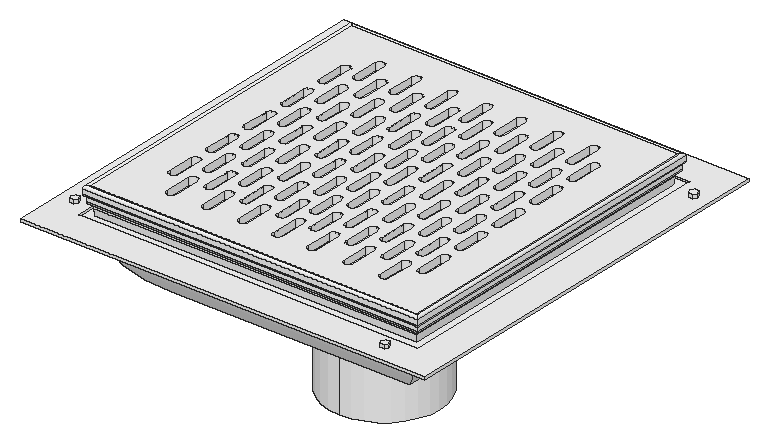
Revit family "FS1910-FL", category Plumbing Fixtures, host Face, Revit 2018
Family settings
  Host = Face
  Round Connector Dimension = Use Radius
  Part Type = Normal
  Cut with Voids When Loaded = No
  Shared = No
  Room Calculation Point = No
Parameters (values of type "FS1914-FL_4"")
  WFU = 0
  URL = "WWW.MIFAB.COM"
  Pipe Radius = Pipe Diameter / 2  # 0' - 2"
  Pipe Diameter = 0' - 4"
  Model = "FS1914-FL"
  Manufacturer = "MIFAB"
  Floor Drain Material = Paint - Sherwin Williams Paint - #952C2A - Bellwood Red
  Description = "12” X 12” X 4” STAINLESS STEEL FLOOR AREA & INDIRECT SANITARY WASTE DRAIN WITH FLANGE"
  Default Elevation = 0' - 0"
  CWFU = 0
  Assembly Code = ""
Types (4): name | Pipe Radius | Pipe Diameter | Model
  (no name) | 0' - 2" | 0' - 4" | "FS1914-FL"
  FS1912-FL_2" | 0' - 1" | 0' - 2" | "FS1912-FL"
  FS1913-FL_3" | 0' - 1 1/2" | 0' - 3" | "FS1913-FL"
  FS1914-FL_4" | 0' - 2" | 0' - 4" | "FS1914-FL"
Reference planes (in)
  plane 1 "Center (Front/Back)": y = 0
  plane 2: z = 0
  plane 3 "Center (Left/Right)": x = 0
  plane 4: z = -3
  plane 5: z = -2.375
  plane 6: y = -2
  plane 7: y = 2
  plane 8: z = -7
  plane 9: z = -0.31496
  plane 10: x = -3.90197
  plane 11: x = 3.90197
  plane 12: x = -6
  plane 13: x = 6
  plane 14: y = -6
  plane 15: y = 6
  plane 16: x = -7.25
  plane 17: x = 7.25
  plane 18: y = 7.25
  plane 19: y = -7.25
  plane 20: z = -4
Forms (in)
  Revolve 1, solid, material "Paint - Sherwin Williams Paint - #952C2A - Bellwood Red" <- "Floor Drain Material"
    sketch origin (0, 0.04396, -2.375) x (0, 1, 0) y (0, 0, 1)
      loop
        line (-2.04396, -1.5459) -> (-2.04396, -4.625) -> (-1.84474, -4.625) -> (-1.84474, -1.5459) -> (-2.04396, -1.5459)
      axis (-0.04396, -4.625) -> (-0.04396, -1.5459)
    angle from 0 to 360
  Sweep 2, solid, material "Paint - Sherwin Williams Paint - #952C2A - Bellwood Red" <- "Floor Drain Material"
    path origin (0, 0, 0) x (1, 0, 0) y (0, 1, 0)
      loop
        line (6, 6) -> (-6, 6) -> (-6, -6) -> (6, -6) -> (6, 6)
    profile origin (6, 0, 0) x (1, 0, 0) y (0, 0, 1)
      loop
        line (-0.15234, -0.5) -> (-0.29655, -0.5) -> (-0.29655, -0.74884) -> (-0.21843, -0.74884) -> (-0.21843, -0.5857) -> (-0.13563, -0.5857)
        arc (-0.13563, -0.5857) -> (-0.09359, -0.56828) -> (-0.07617, -0.52624) r 0.05945
        line (-0.07617, -0.52624) -> (-0.07617, -0.31496) -> (-0.03923, -0.31496)
        arc (-0.03923, -0.31496) -> (-0.01149, -0.30347) -> (0, -0.27573) r 0.03923
        line (0, -0.27573) -> (0, -0.07602)
        arc (0, -0.07602) -> (-0.07617, 0.00015) -> (-0.15234, -0.07602) r 0.07617
        line (-0.15234, -0.07602) -> (-0.15234, -0.5)
  Sweep 3, solid, material "Paint - Sherwin Williams Paint - #952C2A - Bellwood Red" <- "Floor Drain Material"
    path origin (0, 0, 0) x (1, 0, 0) y (0, 1, 0)
      loop
        line (6, 6) -> (-6, 6) -> (-6, -6) -> (6, -6) -> (6, 6)
    profile origin (6, 0, 0) x (1, 0, 0) y (0, 0, 1)
      loop
        arc (-0.29655, -0.74884) -> (-1.0641, -2.83274) -> (-3, -3.9209) r 3.21267
        line (-3, -3.9209) -> (-3, -4)
        arc (-3, -4) -> (-1.00871, -2.88819) -> (-0.21843, -0.74884) r 3.29079
        line (-0.21843, -0.74884) -> (-0.29655, -0.74884)
  Extrusion 4, solid, material "Paint - Sherwin Williams Paint - #952C2A - Bellwood Red" <- "Floor Drain Material"
    sketch origin (0, 0, 0) x (1, 0, 0) y (0, 1, 0)
      loop
        line (-3, 3) -> (-3, -3) -> (3, -3) -> (3, 3) -> (-3, 3)
    from -4 to -3.9209
  Sweep 5, solid, material "Paint - Sherwin Williams Paint - #952C2A - Bellwood Red" <- "Floor Drain Material"
    path origin (0, 0, 0) x (1, 0, 0) y (0, 1, 0)
      loop
        line (7.25, 7.25) -> (-7.25, 7.25) -> (-7.25, -7.25) -> (7.25, -7.25) -> (7.25, 7.25)
    profile origin (7.25, 0, 0) x (1, 0, 0) y (0, 0, 1)
      loop
        line (-1.51729, -0.97694) -> (-1.51729, -1.03197) -> (0, -1.03197) -> (0, -0.93092) -> (-1.16395, -0.93092) -> (-1.16395, -0.97694) -> (-1.51729, -0.97694)
  Extrusion 6, solid, material "Paint - Sherwin Williams Paint - #952C2A - Bellwood Red" <- "Floor Drain Material"
    sketch origin (6.08605, 6.08605, -0.93092) x (0, -1, 0) y (1, 0, 0)
      loop
        line (0.43442, 0.50805) -> (0.56247, 0.43412) -> (0.69052, 0.50805) -> (0.69052, 0.65591) -> (0.56247, 0.72984) -> (0.43442, 0.65591) -> (0.43442, 0.50805)
      loop
        line (-0.61145, -11.44629) -> (-0.4834, -11.52022) -> (-0.35535, -11.44629) -> (-0.35535, -11.29843) -> (-0.4834, -11.2245) -> (-0.61145, -11.29843) -> (-0.61145, -11.44629)
      loop
        line (11.73767, -12.68014) -> (11.60962, -12.60621) -> (11.48157, -12.68014) -> (11.48157, -12.828) -> (11.60962, -12.90193) -> (11.73767, -12.828) -> (11.73767, -12.68014)
      loop
        line (12.78354, -0.72581) -> (12.65549, -0.65187) -> (12.52744, -0.72581) -> (12.52744, -0.87367) -> (12.65549, -0.9476) -> (12.78354, -0.87367) -> (12.78354, -0.72581)
    from 0 to 0.13477
Cuts and joins
  joined: Sweep 2, Sweep 3
Lines and regions (in)
  model lines
    curve 1: line (6.08605, 6.08605, -0.93092) -> (6.08605, 7.25, -0.93092)
    curve 2: line (-6, 6.08605, -0.93092) -> (-6, 7.25, -0.93092)
    curve 3: line (-6, -6.08605, -0.93092) -> (-6, -7.25, -0.93092)
    curve 4: line (6, -6.08605, -0.93092) -> (6, -7.25, -0.93092)
Dimensions and locks (in)
  equal spacing: plane 7, plane 1 "Center (Front/Back)", plane 6
  "Pipe Diameter": plane 7 to plane 6
  "Pipe Radius": plane 1 "Center (Front/Back)" to plane 6
  locked: plane 2 to plane 8 at 7
  locked: plane 2 to plane 9 at 0.31496
  equal spacing: plane 11, plane 3 "Center (Left/Right)", plane 10
  plane 11 to plane 10 = 0' - 7.80395"
  equal spacing: plane 12, plane 3 "Center (Left/Right)", plane 13
  locked: plane 12 to plane 13 at 12
  equal spacing: plane 14, plane 1 "Center (Front/Back)", plane 15
  locked: plane 14 to plane 15 at 12
  plane 16 to plane 12 = 0' - 1 1/4"
  locked: plane 15 to plane 18 at 1.25
  locked: plane 19 to plane 14 at 1.25
  locked: plane 13 to plane 17 at 1.25
  locked: level to plane 20 at 4
  host face to plane 20 = 0' - 4"
  aligned and locked: plane 2 to host face
  aligned and locked: level to host face
  aligned and locked: Revolve 1 sketch curve to plane 8
  aligned and locked: Extrusion 4 to Revolve 1
  aligned and locked: plane 13 to Sweep 2 sketch curve
  aligned and locked: Sweep 2 sketch curve to plane 12
  aligned and locked: plane 15 to Sweep 2 sketch curve
  aligned and locked: Sweep 2 sketch curve to plane 14
  aligned and locked: plane 13 to Sweep 3 sketch curve
  aligned and locked: plane 15 to Sweep 3 sketch curve
  aligned and locked: Sweep 3 sketch curve to plane 12
  aligned and locked: Sweep 3 sketch curve to plane 14
  aligned and locked: plane 17 to Sweep 5 sketch curve
  aligned and locked: Sweep 5 sketch curve to plane 18
  aligned and locked: Sweep 5 sketch curve to plane 16
  aligned and locked: plane 19 to Sweep 5 sketch curve
  aligned and locked: plane 2 to nested 1
  aligned and locked: Extrusion 4 to cut or joined group of Sweep 2, Sweep 3  (x4)
Automatic sketch dimensions
  host sketch curve to host sketch curve = 8' - 0"  (x2)
  Revolve 1 sketch curve to plane 6 = 0' - 0"
  Revolve 1 sketch curve to plane 1 "Center (Front/Back)" = 0' - 0"
  Revolve 1 sketch curve to plane 6 = 0' - 0 51/256"
  plane 8 to Revolve 1 sketch curve = 0' - 0 1/8"
  Revolve 1 sketch curve to plane 4 = 0' - 0.9209"
  Revolve 1 sketch curve to Revolve 1 sketch curve = 0' - 1 3/4"
  profile plane to Sweep 2 sketch curve = 0' - 0"
  profile plane to Sweep 2 sketch curve = 0' - 0.03923"
  profile plane to Sweep 2 sketch curve = 0' - 0.07617"  (x2)
  Sweep 2 sketch curve to Sweep 2 sketch curve = 0' - 0.05945"
  Sweep 2 sketch curve to Sweep 2 sketch curve = 0' - 0.0828"
  Sweep 2 sketch curve to Sweep 2 sketch curve = 0' - 0 5/64"
  Sweep 2 sketch curve to level = 0' - 0.74884"
  Sweep 2 sketch curve to Sweep 2 sketch curve = 0' - 0.16315"
  Sweep 2 sketch curve to Sweep 2 sketch curve = 0' - 0.0857"
  Sweep 2 sketch curve to Sweep 2 sketch curve = 0' - 0.18504"
  Sweep 2 sketch curve to level = 0' - 0.07602"
  plane 10 to Extrusion 4 sketch curve = 0' - 0.90197"
  Extrusion 4 sketch curve to plane 11 = 0' - 0.90197"
  plane 6 to Extrusion 4 sketch curve = 0' - 1"
  plane 7 to Extrusion 4 sketch curve = 0' - 1"
  Sweep 3 sketch curve to level = 0' - 0.74884"
  profile plane to Sweep 3 sketch curve = 0' - 0.29655"
  Sweep 3 sketch curve to Sweep 3 sketch curve = 0' - 0"  (x2)
  Sweep 3 sketch curve to Sweep 3 sketch curve = 0' - 0.50922"
  Sweep 3 sketch curve to Sweep 3 sketch curve = 0' - 0 5/64"
  profile plane to Sweep 3 sketch curve = 0' - 3"
  profile plane to Sweep 5 sketch curve = 0' - 0"
  profile plane to Sweep 5 sketch curve = 0' - 1.16395"
  Sweep 5 sketch curve to Sweep 5 sketch curve = 0' - 0.35333"
  Sweep 5 sketch curve to level = 0' - 1.03197"
  Sweep 5 sketch curve to Sweep 5 sketch curve = 0' - 0.05503"
  Sweep 5 sketch curve to Sweep 5 sketch curve = 0' - 0.10105"
  curve 1 to Sweep 5 = 0' - 0"  (x2)
  Sweep 5 to curve 1 = 0' - 0"
  Sweep 5 to curve 2 = 0' - 0"
  curve 2 to Sweep 5 = 0' - 0"
  Sweep 5 to curve 4 = 0' - 0"
  Sweep 5 to curve 3 = 0' - 0"
  curve 4 to Sweep 5 = 0' - 0"
  curve 3 to Sweep 5 = 0' - 0"
  curve 4 to Sweep 5 = 0' - 0.08605"
  curve 3 to Sweep 5 = 0' - 0.08605"
  curve 2 to Sweep 5 = 0' - 0.08605"
  Sweep 5 to Extrusion 6 sketch curve = 0' - 0.5525"
  Extrusion 6 sketch curve to Extrusion 6 sketch curve = 0' - 0.12805"  (x12)
  Extrusion 6 sketch curve to Sweep 5 = 0' - 0.43442"
  Extrusion 6 sketch curve to Sweep 5 = 0' - 0.69052"
  Sweep 5 to Extrusion 6 sketch curve = 0' - 0.35535"
  Sweep 5 to Extrusion 6 sketch curve = 0' - 0.43412"  (x2)
  Extrusion 6 sketch curve to Extrusion 6 sketch curve = 0' - 0.07393"  (x12)
  Extrusion 6 sketch curve to Extrusion 6 sketch curve = 0' - 0.14786"  (x8)
  Extrusion 6 sketch curve to Sweep 5 = 0' - 0.65187"
  Extrusion 6 sketch curve to Sweep 5 = 0' - 0.9476"
Nested families (in)
  nested 1: "Jali" at (0, 0, -0.25), type "Jali"
Connectors (in)
  piping at (0, 0, -7), diameter 4, driven by "Pipe Radius", driven by "WFU"
    settings: on Revolve 1, index 2, connector inside diameter 2", connector length 0' - 0", flow factor 0, pipe flow 0 GPM, pressure drop 0.00 psi, fitting loss kfactor 0, connector angle 0.00°, fixture units 0, engagement length 0' - 0", angle of deflection 0.00°, flow configuration 3, flow direction 2, fitting loss method 0, system type 16, joint type 0, gender type 0, connector reference index -1, connector utility 0, adjustable connector no, is connector primary yes, connector description "Sanitary Out"
Definition of nested family "Jali"
  Parameters (values of type "Jali")
    Floor Drain Material = none
  Reference planes (in)
    plane 1 "Center (Front/Back)": y = 0
    plane 2: z = 0
    plane 3 "Center (Left/Right)": x = 0
  Forms (in)
    Extrusion 1, solid, material <- "Floor Drain Material"
      sketch origin (0, 0, 0) x (1, 0, 0) y (0, 1, 0)
        loop
          line (-5.84766, 5.84766) -> (-5.84766, -5.84766) -> (5.84766, -5.84766) -> (5.84766, 5.84766) -> (-5.84766, 5.84766)
        loop
          arc (-4.64284, -0.47211) -> (-4.46888, -0.64608) -> (-4.29491, -0.47211) r 0.17397
          line (-4.29491, -0.47211) -> (-4.29491, 0.47211)
          arc (-4.29491, 0.47211) -> (-4.46888, 0.64608) -> (-4.64284, 0.47211) r 0.17397
          line (-4.64284, 0.47211) -> (-4.64284, -0.47211)
        loop
          arc (-4.64284, 1.20637) -> (-4.46888, 1.0324) -> (-4.29491, 1.20637) r 0.17397
          line (-4.29491, 1.20637) -> (-4.29491, 2.15058)
          arc (-4.29491, 2.15058) -> (-4.46888, 2.32455) -> (-4.64284, 2.15058) r 0.17397
          line (-4.64284, 2.15058) -> (-4.64284, 1.20637)
        loop
          arc (-4.64284, 2.88484) -> (-4.46888, 2.71087) -> (-4.29491, 2.88484) r 0.17397
          line (-4.29491, 2.88484) -> (-4.29491, 3.82906)
          arc (-4.29491, 3.82906) -> (-4.46888, 4.00303) -> (-4.64284, 3.82906) r 0.17397
          line (-4.64284, 3.82906) -> (-4.64284, 2.88484)
        loop
          line (-4.64284, -1.20637) -> (-4.64284, -2.15058)
          arc (-4.64284, -2.15058) -> (-4.46888, -2.32455) -> (-4.29491, -2.15058) r 0.17397
          line (-4.29491, -2.15058) -> (-4.29491, -1.20637)
          arc (-4.29491, -1.20637) -> (-4.46888, -1.0324) -> (-4.64284, -1.20637) r 0.17397
        loop
          line (-4.64284, -2.88484) -> (-4.64284, -3.82906)
          arc (-4.64284, -3.82906) -> (-4.46888, -4.00303) -> (-4.29491, -3.82906) r 0.17397
          line (-4.29491, -3.82906) -> (-4.29491, -2.88484)
          arc (-4.29491, -2.88484) -> (-4.46888, -2.71087) -> (-4.64284, -2.88484) r 0.17397
        loop
          arc (-3.99714, 0.28121) -> (-3.82317, 0.10724) -> (-3.64921, 0.28121) r 0.17397
          line (-3.64921, 0.28121) -> (-3.64921, 1.22543)
          arc (-3.64921, 1.22543) -> (-3.82317, 1.3994) -> (-3.99714, 1.22543) r 0.17397
          line (-3.99714, 1.22543) -> (-3.99714, 0.28121)
        loop
          arc (-3.99714, 1.95969) -> (-3.82317, 1.78572) -> (-3.64921, 1.95969) r 0.17397
          line (-3.64921, 1.95969) -> (-3.64921, 2.90391)
          arc (-3.64921, 2.90391) -> (-3.82317, 3.07787) -> (-3.99714, 2.90391) r 0.17397
          line (-3.99714, 2.90391) -> (-3.99714, 1.95969)
        loop
          arc (-3.99714, 3.63816) -> (-3.82317, 3.46419) -> (-3.64921, 3.63816) r 0.17397
          line (-3.64921, 3.63816) -> (-3.64921, 4.58238)
          arc (-3.64921, 4.58238) -> (-3.82317, 4.75635) -> (-3.99714, 4.58238) r 0.17397
          line (-3.99714, 4.58238) -> (-3.99714, 3.63816)
        loop
          line (-3.99714, -0.45304) -> (-3.99714, -1.39726)
          arc (-3.99714, -1.39726) -> (-3.82317, -1.57123) -> (-3.64921, -1.39726) r 0.17397
          line (-3.64921, -1.39726) -> (-3.64921, -0.45304)
          arc (-3.64921, -0.45304) -> (-3.82317, -0.27908) -> (-3.99714, -0.45304) r 0.17397
        loop
          line (-3.99714, -2.13152) -> (-3.99714, -3.07574)
          arc (-3.99714, -3.07574) -> (-3.82317, -3.24971) -> (-3.64921, -3.07574) r 0.17397
          line (-3.64921, -3.07574) -> (-3.64921, -2.13152)
          arc (-3.64921, -2.13152) -> (-3.82317, -1.95755) -> (-3.99714, -2.13152) r 0.17397
        loop
          line (-3.99714, -3.80999) -> (-3.99714, -4.75421)
          arc (-3.99714, -4.75421) -> (-3.82317, -4.92818) -> (-3.64921, -4.75421) r 0.17397
          line (-3.64921, -4.75421) -> (-3.64921, -3.80999)
          arc (-3.64921, -3.80999) -> (-3.82317, -3.63603) -> (-3.99714, -3.80999) r 0.17397
        loop
          line (-3.0035, -0.47211) -> (-3.0035, 0.47211)
          arc (-3.0035, 0.47211) -> (-3.17747, 0.64608) -> (-3.35144, 0.47211) r 0.17397
          line (-3.35144, 0.47211) -> (-3.35144, -0.47211)
          arc (-3.35144, -0.47211) -> (-3.17747, -0.64608) -> (-3.0035, -0.47211) r 0.17397
        loop
          line (-3.0035, 1.20637) -> (-3.0035, 2.15058)
          arc (-3.0035, 2.15058) -> (-3.17747, 2.32455) -> (-3.35144, 2.15058) r 0.17397
          line (-3.35144, 2.15058) -> (-3.35144, 1.20637)
          arc (-3.35144, 1.20637) -> (-3.17747, 1.0324) -> (-3.0035, 1.20637) r 0.17397
        loop
          line (-3.0035, 2.88484) -> (-3.0035, 3.82906)
          arc (-3.0035, 3.82906) -> (-3.17747, 4.00303) -> (-3.35144, 3.82906) r 0.17397
          line (-3.35144, 3.82906) -> (-3.35144, 2.88484)
          arc (-3.35144, 2.88484) -> (-3.17747, 2.71087) -> (-3.0035, 2.88484) r 0.17397
        loop
          arc (-3.0035, -1.20637) -> (-3.17747, -1.0324) -> (-3.35144, -1.20637) r 0.17397
          line (-3.35144, -1.20637) -> (-3.35144, -2.15058)
          arc (-3.35144, -2.15058) -> (-3.17747, -2.32455) -> (-3.0035, -2.15058) r 0.17397
          line (-3.0035, -2.15058) -> (-3.0035, -1.20637)
        loop
          arc (-3.0035, -2.88484) -> (-3.17747, -2.71087) -> (-3.35144, -2.88484) r 0.17397
          line (-3.35144, -2.88484) -> (-3.35144, -3.82906)
          arc (-3.35144, -3.82906) -> (-3.17747, -4.00303) -> (-3.0035, -3.82906) r 0.17397
          line (-3.0035, -3.82906) -> (-3.0035, -2.88484)
        loop
          line (-2.3578, 0.28121) -> (-2.3578, 1.22543)
          arc (-2.3578, 1.22543) -> (-2.53177, 1.3994) -> (-2.70573, 1.22543) r 0.17397
          line (-2.70573, 1.22543) -> (-2.70573, 0.28121)
          arc (-2.70573, 0.28121) -> (-2.53177, 0.10724) -> (-2.3578, 0.28121) r 0.17397
        loop
          line (-2.3578, 1.95969) -> (-2.3578, 2.90391)
          arc (-2.3578, 2.90391) -> (-2.53177, 3.07787) -> (-2.70573, 2.90391) r 0.17397
          line (-2.70573, 2.90391) -> (-2.70573, 1.95969)
          arc (-2.70573, 1.95969) -> (-2.53177, 1.78572) -> (-2.3578, 1.95969) r 0.17397
        loop
          line (-2.3578, 3.63816) -> (-2.3578, 4.58238)
          arc (-2.3578, 4.58238) -> (-2.53177, 4.75635) -> (-2.70573, 4.58238) r 0.17397
          line (-2.70573, 4.58238) -> (-2.70573, 3.63816)
          arc (-2.70573, 3.63816) -> (-2.53177, 3.46419) -> (-2.3578, 3.63816) r 0.17397
        loop
          arc (-2.3578, -0.45304) -> (-2.53177, -0.27908) -> (-2.70573, -0.45304) r 0.17397
          line (-2.70573, -0.45304) -> (-2.70573, -1.39726)
          arc (-2.70573, -1.39726) -> (-2.53177, -1.57123) -> (-2.3578, -1.39726) r 0.17397
          line (-2.3578, -1.39726) -> (-2.3578, -0.45304)
        loop
          arc (-2.3578, -2.13152) -> (-2.53177, -1.95755) -> (-2.70573, -2.13152) r 0.17397
          line (-2.70573, -2.13152) -> (-2.70573, -3.07574)
          arc (-2.70573, -3.07574) -> (-2.53177, -3.24971) -> (-2.3578, -3.07574) r 0.17397
          line (-2.3578, -3.07574) -> (-2.3578, -2.13152)
        loop
          arc (-2.3578, -3.80999) -> (-2.53177, -3.63603) -> (-2.70573, -3.80999) r 0.17397
          line (-2.70573, -3.80999) -> (-2.70573, -4.75421)
          arc (-2.70573, -4.75421) -> (-2.53177, -4.92818) -> (-2.3578, -4.75421) r 0.17397
          line (-2.3578, -4.75421) -> (-2.3578, -3.80999)
        loop
          arc (-2.06003, -0.47211) -> (-1.88606, -0.64608) -> (-1.7121, -0.47211) r 0.17397
          line (-1.7121, -0.47211) -> (-1.7121, 0.47211)
          arc (-1.7121, 0.47211) -> (-1.88606, 0.64608) -> (-2.06003, 0.47211) r 0.17397
          line (-2.06003, 0.47211) -> (-2.06003, -0.47211)
        loop
          arc (-2.06003, 1.20637) -> (-1.88606, 1.0324) -> (-1.7121, 1.20637) r 0.17397
          line (-1.7121, 1.20637) -> (-1.7121, 2.15058)
          arc (-1.7121, 2.15058) -> (-1.88606, 2.32455) -> (-2.06003, 2.15058) r 0.17397
          line (-2.06003, 2.15058) -> (-2.06003, 1.20637)
        loop
          arc (-2.06003, 2.88484) -> (-1.88606, 2.71087) -> (-1.7121, 2.88484) r 0.17397
          line (-1.7121, 2.88484) -> (-1.7121, 3.82906)
          arc (-1.7121, 3.82906) -> (-1.88606, 4.00303) -> (-2.06003, 3.82906) r 0.17397
          line (-2.06003, 3.82906) -> (-2.06003, 2.88484)
        loop
          line (-2.06003, -1.20637) -> (-2.06003, -2.15058)
          arc (-2.06003, -2.15058) -> (-1.88606, -2.32455) -> (-1.7121, -2.15058) r 0.17397
          line (-1.7121, -2.15058) -> (-1.7121, -1.20637)
          arc (-1.7121, -1.20637) -> (-1.88606, -1.0324) -> (-2.06003, -1.20637) r 0.17397
        loop
          line (-2.06003, -2.88484) -> (-2.06003, -3.82906)
          arc (-2.06003, -3.82906) -> (-1.88606, -4.00303) -> (-1.7121, -3.82906) r 0.17397
          line (-1.7121, -3.82906) -> (-1.7121, -2.88484)
          arc (-1.7121, -2.88484) -> (-1.88606, -2.71087) -> (-2.06003, -2.88484) r 0.17397
        loop
          arc (-1.41433, 0.28121) -> (-1.24036, 0.10724) -> (-1.06639, 0.28121) r 0.17397
          line (-1.06639, 0.28121) -> (-1.06639, 1.22543)
          arc (-1.06639, 1.22543) -> (-1.24036, 1.3994) -> (-1.41433, 1.22543) r 0.17397
          line (-1.41433, 1.22543) -> (-1.41433, 0.28121)
        loop
          arc (-1.41433, 1.95969) -> (-1.24036, 1.78572) -> (-1.06639, 1.95969) r 0.17397
          line (-1.06639, 1.95969) -> (-1.06639, 2.90391)
          arc (-1.06639, 2.90391) -> (-1.24036, 3.07787) -> (-1.41433, 2.90391) r 0.17397
          line (-1.41433, 2.90391) -> (-1.41433, 1.95969)
        loop
          arc (-1.41433, 3.63816) -> (-1.24036, 3.46419) -> (-1.06639, 3.63816) r 0.17397
          line (-1.06639, 3.63816) -> (-1.06639, 4.58238)
          arc (-1.06639, 4.58238) -> (-1.24036, 4.75635) -> (-1.41433, 4.58238) r 0.17397
          line (-1.41433, 4.58238) -> (-1.41433, 3.63816)
        loop
          line (-1.41433, -0.45304) -> (-1.41433, -1.39726)
          arc (-1.41433, -1.39726) -> (-1.24036, -1.57123) -> (-1.06639, -1.39726) r 0.17397
          line (-1.06639, -1.39726) -> (-1.06639, -0.45304)
          arc (-1.06639, -0.45304) -> (-1.24036, -0.27908) -> (-1.41433, -0.45304) r 0.17397
        loop
          line (-1.41433, -2.13152) -> (-1.41433, -3.07574)
          arc (-1.41433, -3.07574) -> (-1.24036, -3.24971) -> (-1.06639, -3.07574) r 0.17397
          line (-1.06639, -3.07574) -> (-1.06639, -2.13152)
          arc (-1.06639, -2.13152) -> (-1.24036, -1.95755) -> (-1.41433, -2.13152) r 0.17397
        loop
          line (-1.41433, -3.80999) -> (-1.41433, -4.75421)
          arc (-1.41433, -4.75421) -> (-1.24036, -4.92818) -> (-1.06639, -4.75421) r 0.17397
          line (-1.06639, -4.75421) -> (-1.06639, -3.80999)
          arc (-1.06639, -3.80999) -> (-1.24036, -3.63603) -> (-1.41433, -3.80999) r 0.17397
        loop
          line (-0.42069, -0.47211) -> (-0.42069, 0.47211)
          arc (-0.42069, 0.47211) -> (-0.59466, 0.64608) -> (-0.76862, 0.47211) r 0.17397
          line (-0.76862, 0.47211) -> (-0.76862, -0.47211)
          arc (-0.76862, -0.47211) -> (-0.59466, -0.64608) -> (-0.42069, -0.47211) r 0.17397
        loop
          line (-0.42069, 1.20637) -> (-0.42069, 2.15058)
          arc (-0.42069, 2.15058) -> (-0.59466, 2.32455) -> (-0.76862, 2.15058) r 0.17397
          line (-0.76862, 2.15058) -> (-0.76862, 1.20637)
          arc (-0.76862, 1.20637) -> (-0.59466, 1.0324) -> (-0.42069, 1.20637) r 0.17397
        loop
          line (-0.42069, 2.88484) -> (-0.42069, 3.82906)
          arc (-0.42069, 3.82906) -> (-0.59466, 4.00303) -> (-0.76862, 3.82906) r 0.17397
          line (-0.76862, 3.82906) -> (-0.76862, 2.88484)
          arc (-0.76862, 2.88484) -> (-0.59466, 2.71087) -> (-0.42069, 2.88484) r 0.17397
        loop
          arc (-0.42069, -1.20637) -> (-0.59466, -1.0324) -> (-0.76862, -1.20637) r 0.17397
          line (-0.76862, -1.20637) -> (-0.76862, -2.15058)
          arc (-0.76862, -2.15058) -> (-0.59466, -2.32455) -> (-0.42069, -2.15058) r 0.17397
          line (-0.42069, -2.15058) -> (-0.42069, -1.20637)
        loop
          arc (-0.42069, -2.88484) -> (-0.59466, -2.71087) -> (-0.76862, -2.88484) r 0.17397
          line (-0.76862, -2.88484) -> (-0.76862, -3.82906)
          arc (-0.76862, -3.82906) -> (-0.59466, -4.00303) -> (-0.42069, -3.82906) r 0.17397
          line (-0.42069, -3.82906) -> (-0.42069, -2.88484)
        loop
          line (4.64284, -0.47211) -> (4.64284, 0.47211)
          arc (4.64284, 0.47211) -> (4.46888, 0.64608) -> (4.29491, 0.47211) r 0.17397
          line (4.29491, 0.47211) -> (4.29491, -0.47211)
          arc (4.29491, -0.47211) -> (4.46888, -0.64608) -> (4.64284, -0.47211) r 0.17397
        loop
          line (4.64284, 1.20637) -> (4.64284, 2.15058)
          arc (4.64284, 2.15058) -> (4.46888, 2.32455) -> (4.29491, 2.15058) r 0.17397
          line (4.29491, 2.15058) -> (4.29491, 1.20637)
          arc (4.29491, 1.20637) -> (4.46888, 1.0324) -> (4.64284, 1.20637) r 0.17397
        loop
          line (4.64284, 2.88484) -> (4.64284, 3.82906)
          arc (4.64284, 3.82906) -> (4.46888, 4.00303) -> (4.29491, 3.82906) r 0.17397
          line (4.29491, 3.82906) -> (4.29491, 2.88484)
          arc (4.29491, 2.88484) -> (4.46888, 2.71087) -> (4.64284, 2.88484) r 0.17397
        loop
          arc (4.64284, -1.20637) -> (4.46888, -1.0324) -> (4.29491, -1.20637) r 0.17397
          line (4.29491, -1.20637) -> (4.29491, -2.15058)
          arc (4.29491, -2.15058) -> (4.46888, -2.32455) -> (4.64284, -2.15058) r 0.17397
          line (4.64284, -2.15058) -> (4.64284, -1.20637)
        loop
          arc (4.64284, -2.88484) -> (4.46888, -2.71087) -> (4.29491, -2.88484) r 0.17397
          line (4.29491, -2.88484) -> (4.29491, -3.82906)
          arc (4.29491, -3.82906) -> (4.46888, -4.00303) -> (4.64284, -3.82906) r 0.17397
          line (4.64284, -3.82906) -> (4.64284, -2.88484)
        loop
          line (3.99714, 0.28121) -> (3.99714, 1.22543)
          arc (3.99714, 1.22543) -> (3.82317, 1.3994) -> (3.64921, 1.22543) r 0.17397
          line (3.64921, 1.22543) -> (3.64921, 0.28121)
          arc (3.64921, 0.28121) -> (3.82317, 0.10724) -> (3.99714, 0.28121) r 0.17397
        loop
          line (3.99714, 1.95969) -> (3.99714, 2.90391)
          arc (3.99714, 2.90391) -> (3.82317, 3.07787) -> (3.64921, 2.90391) r 0.17397
          line (3.64921, 2.90391) -> (3.64921, 1.95969)
          arc (3.64921, 1.95969) -> (3.82317, 1.78572) -> (3.99714, 1.95969) r 0.17397
        loop
          line (3.99714, 3.63816) -> (3.99714, 4.58238)
          arc (3.99714, 4.58238) -> (3.82317, 4.75635) -> (3.64921, 4.58238) r 0.17397
          line (3.64921, 4.58238) -> (3.64921, 3.63816)
          arc (3.64921, 3.63816) -> (3.82317, 3.46419) -> (3.99714, 3.63816) r 0.17397
        loop
          arc (3.99714, -0.45304) -> (3.82317, -0.27908) -> (3.64921, -0.45304) r 0.17397
          line (3.64921, -0.45304) -> (3.64921, -1.39726)
          arc (3.64921, -1.39726) -> (3.82317, -1.57123) -> (3.99714, -1.39726) r 0.17397
          line (3.99714, -1.39726) -> (3.99714, -0.45304)
        loop
          arc (3.99714, -2.13152) -> (3.82317, -1.95755) -> (3.64921, -2.13152) r 0.17397
          line (3.64921, -2.13152) -> (3.64921, -3.07574)
          arc (3.64921, -3.07574) -> (3.82317, -3.24971) -> (3.99714, -3.07574) r 0.17397
          line (3.99714, -3.07574) -> (3.99714, -2.13152)
        loop
          arc (3.99714, -3.80999) -> (3.82317, -3.63603) -> (3.64921, -3.80999) r 0.17397
          line (3.64921, -3.80999) -> (3.64921, -4.75421)
          arc (3.64921, -4.75421) -> (3.82317, -4.92818) -> (3.99714, -4.75421) r 0.17397
          line (3.99714, -4.75421) -> (3.99714, -3.80999)
        loop
          arc (3.0035, -0.47211) -> (3.17747, -0.64608) -> (3.35144, -0.47211) r 0.17397
          line (3.35144, -0.47211) -> (3.35144, 0.47211)
          arc (3.35144, 0.47211) -> (3.17747, 0.64608) -> (3.0035, 0.47211) r 0.17397
          line (3.0035, 0.47211) -> (3.0035, -0.47211)
        loop
          arc (3.0035, 1.20637) -> (3.17747, 1.0324) -> (3.35144, 1.20637) r 0.17397
          line (3.35144, 1.20637) -> (3.35144, 2.15058)
          arc (3.35144, 2.15058) -> (3.17747, 2.32455) -> (3.0035, 2.15058) r 0.17397
          line (3.0035, 2.15058) -> (3.0035, 1.20637)
        loop
          arc (3.0035, 2.88484) -> (3.17747, 2.71087) -> (3.35144, 2.88484) r 0.17397
          line (3.35144, 2.88484) -> (3.35144, 3.82906)
          arc (3.35144, 3.82906) -> (3.17747, 4.00303) -> (3.0035, 3.82906) r 0.17397
          line (3.0035, 3.82906) -> (3.0035, 2.88484)
        loop
          line (3.0035, -1.20637) -> (3.0035, -2.15058)
          arc (3.0035, -2.15058) -> (3.17747, -2.32455) -> (3.35144, -2.15058) r 0.17397
          line (3.35144, -2.15058) -> (3.35144, -1.20637)
          arc (3.35144, -1.20637) -> (3.17747, -1.0324) -> (3.0035, -1.20637) r 0.17397
        loop
          line (3.0035, -2.88484) -> (3.0035, -3.82906)
          arc (3.0035, -3.82906) -> (3.17747, -4.00303) -> (3.35144, -3.82906) r 0.17397
          line (3.35144, -3.82906) -> (3.35144, -2.88484)
          arc (3.35144, -2.88484) -> (3.17747, -2.71087) -> (3.0035, -2.88484) r 0.17397
        loop
          arc (2.3578, 0.28121) -> (2.53177, 0.10724) -> (2.70573, 0.28121) r 0.17397
          line (2.70573, 0.28121) -> (2.70573, 1.22543)
          arc (2.70573, 1.22543) -> (2.53177, 1.3994) -> (2.3578, 1.22543) r 0.17397
          line (2.3578, 1.22543) -> (2.3578, 0.28121)
        loop
          arc (2.3578, 1.95969) -> (2.53177, 1.78572) -> (2.70573, 1.95969) r 0.17397
          line (2.70573, 1.95969) -> (2.70573, 2.90391)
          arc (2.70573, 2.90391) -> (2.53177, 3.07787) -> (2.3578, 2.90391) r 0.17397
          line (2.3578, 2.90391) -> (2.3578, 1.95969)
        loop
          arc (2.3578, 3.63816) -> (2.53177, 3.46419) -> (2.70573, 3.63816) r 0.17397
          line (2.70573, 3.63816) -> (2.70573, 4.58238)
          arc (2.70573, 4.58238) -> (2.53177, 4.75635) -> (2.3578, 4.58238) r 0.17397
          line (2.3578, 4.58238) -> (2.3578, 3.63816)
        loop
          line (2.3578, -0.45304) -> (2.3578, -1.39726)
          arc (2.3578, -1.39726) -> (2.53177, -1.57123) -> (2.70573, -1.39726) r 0.17397
          line (2.70573, -1.39726) -> (2.70573, -0.45304)
          arc (2.70573, -0.45304) -> (2.53177, -0.27908) -> (2.3578, -0.45304) r 0.17397
        loop
          line (2.3578, -2.13152) -> (2.3578, -3.07574)
          arc (2.3578, -3.07574) -> (2.53177, -3.24971) -> (2.70573, -3.07574) r 0.17397
          line (2.70573, -3.07574) -> (2.70573, -2.13152)
          arc (2.70573, -2.13152) -> (2.53177, -1.95755) -> (2.3578, -2.13152) r 0.17397
        loop
          line (2.3578, -3.80999) -> (2.3578, -4.75421)
          arc (2.3578, -4.75421) -> (2.53177, -4.92818) -> (2.70573, -4.75421) r 0.17397
          line (2.70573, -4.75421) -> (2.70573, -3.80999)
          arc (2.70573, -3.80999) -> (2.53177, -3.63603) -> (2.3578, -3.80999) r 0.17397
        loop
          line (2.06003, -0.47211) -> (2.06003, 0.47211)
          arc (2.06003, 0.47211) -> (1.88606, 0.64608) -> (1.7121, 0.47211) r 0.17397
          line (1.7121, 0.47211) -> (1.7121, -0.47211)
          arc (1.7121, -0.47211) -> (1.88606, -0.64608) -> (2.06003, -0.47211) r 0.17397
        loop
          line (2.06003, 1.20637) -> (2.06003, 2.15058)
          arc (2.06003, 2.15058) -> (1.88606, 2.32455) -> (1.7121, 2.15058) r 0.17397
          line (1.7121, 2.15058) -> (1.7121, 1.20637)
          arc (1.7121, 1.20637) -> (1.88606, 1.0324) -> (2.06003, 1.20637) r 0.17397
        loop
          line (2.06003, 2.88484) -> (2.06003, 3.82906)
          arc (2.06003, 3.82906) -> (1.88606, 4.00303) -> (1.7121, 3.82906) r 0.17397
          line (1.7121, 3.82906) -> (1.7121, 2.88484)
          arc (1.7121, 2.88484) -> (1.88606, 2.71087) -> (2.06003, 2.88484) r 0.17397
        loop
          arc (2.06003, -1.20637) -> (1.88606, -1.0324) -> (1.7121, -1.20637) r 0.17397
          line (1.7121, -1.20637) -> (1.7121, -2.15058)
          arc (1.7121, -2.15058) -> (1.88606, -2.32455) -> (2.06003, -2.15058) r 0.17397
          line (2.06003, -2.15058) -> (2.06003, -1.20637)
        loop
          arc (2.06003, -2.88484) -> (1.88606, -2.71087) -> (1.7121, -2.88484) r 0.17397
          line (1.7121, -2.88484) -> (1.7121, -3.82906)
          arc (1.7121, -3.82906) -> (1.88606, -4.00303) -> (2.06003, -3.82906) r 0.17397
          line (2.06003, -3.82906) -> (2.06003, -2.88484)
        loop
          line (1.41433, 0.28121) -> (1.41433, 1.22543)
          arc (1.41433, 1.22543) -> (1.24036, 1.3994) -> (1.06639, 1.22543) r 0.17397
          line (1.06639, 1.22543) -> (1.06639, 0.28121)
          arc (1.06639, 0.28121) -> (1.24036, 0.10724) -> (1.41433, 0.28121) r 0.17397
        loop
          line (1.41433, 1.95969) -> (1.41433, 2.90391)
          arc (1.41433, 2.90391) -> (1.24036, 3.07787) -> (1.06639, 2.90391) r 0.17397
          line (1.06639, 2.90391) -> (1.06639, 1.95969)
          arc (1.06639, 1.95969) -> (1.24036, 1.78572) -> (1.41433, 1.95969) r 0.17397
        loop
          line (1.41433, 3.63816) -> (1.41433, 4.58238)
          arc (1.41433, 4.58238) -> (1.24036, 4.75635) -> (1.06639, 4.58238) r 0.17397
          line (1.06639, 4.58238) -> (1.06639, 3.63816)
          arc (1.06639, 3.63816) -> (1.24036, 3.46419) -> (1.41433, 3.63816) r 0.17397
        loop
          arc (1.41433, -0.45304) -> (1.24036, -0.27908) -> (1.06639, -0.45304) r 0.17397
          line (1.06639, -0.45304) -> (1.06639, -1.39726)
          arc (1.06639, -1.39726) -> (1.24036, -1.57123) -> (1.41433, -1.39726) r 0.17397
          line (1.41433, -1.39726) -> (1.41433, -0.45304)
        loop
          arc (1.41433, -2.13152) -> (1.24036, -1.95755) -> (1.06639, -2.13152) r 0.17397
          line (1.06639, -2.13152) -> (1.06639, -3.07574)
          arc (1.06639, -3.07574) -> (1.24036, -3.24971) -> (1.41433, -3.07574) r 0.17397
          line (1.41433, -3.07574) -> (1.41433, -2.13152)
        loop
          arc (1.41433, -3.80999) -> (1.24036, -3.63603) -> (1.06639, -3.80999) r 0.17397
          line (1.06639, -3.80999) -> (1.06639, -4.75421)
          arc (1.06639, -4.75421) -> (1.24036, -4.92818) -> (1.41433, -4.75421) r 0.17397
          line (1.41433, -4.75421) -> (1.41433, -3.80999)
        loop
          arc (0.42069, -0.47211) -> (0.59466, -0.64608) -> (0.76862, -0.47211) r 0.17397
          line (0.76862, -0.47211) -> (0.76862, 0.47211)
          arc (0.76862, 0.47211) -> (0.59466, 0.64608) -> (0.42069, 0.47211) r 0.17397
          line (0.42069, 0.47211) -> (0.42069, -0.47211)
        loop
          arc (0.42069, 1.20637) -> (0.59466, 1.0324) -> (0.76862, 1.20637) r 0.17397
          line (0.76862, 1.20637) -> (0.76862, 2.15058)
          arc (0.76862, 2.15058) -> (0.59466, 2.32455) -> (0.42069, 2.15058) r 0.17397
          line (0.42069, 2.15058) -> (0.42069, 1.20637)
        loop
          arc (0.42069, 2.88484) -> (0.59466, 2.71087) -> (0.76862, 2.88484) r 0.17397
          line (0.76862, 2.88484) -> (0.76862, 3.82906)
          arc (0.76862, 3.82906) -> (0.59466, 4.00303) -> (0.42069, 3.82906) r 0.17397
          line (0.42069, 3.82906) -> (0.42069, 2.88484)
        loop
          line (0.42069, -1.20637) -> (0.42069, -2.15058)
          arc (0.42069, -2.15058) -> (0.59466, -2.32455) -> (0.76862, -2.15058) r 0.17397
          line (0.76862, -2.15058) -> (0.76862, -1.20637)
          arc (0.76862, -1.20637) -> (0.59466, -1.0324) -> (0.42069, -1.20637) r 0.17397
        loop
          line (0.42069, -2.88484) -> (0.42069, -3.82906)
          arc (0.42069, -3.82906) -> (0.59466, -4.00303) -> (0.76862, -3.82906) r 0.17397
          line (0.76862, -3.82906) -> (0.76862, -2.88484)
          arc (0.76862, -2.88484) -> (0.59466, -2.71087) -> (0.42069, -2.88484) r 0.17397
        loop
          line (0.17397, 0.28121) -> (0.17397, 1.22543)
          arc (0.17397, 1.22543) -> (0, 1.3994) -> (-0.17397, 1.22543) r 0.17397
          line (-0.17397, 1.22543) -> (-0.17397, 0.28121)
          arc (-0.17397, 0.28121) -> (0, 0.10724) -> (0.17397, 0.28121) r 0.17397
        loop
          line (0.17397, 1.95969) -> (0.17397, 2.90391)
          arc (0.17397, 2.90391) -> (0, 3.07787) -> (-0.17397, 2.90391) r 0.17397
          line (-0.17397, 2.90391) -> (-0.17397, 1.95969)
          arc (-0.17397, 1.95969) -> (0, 1.78572) -> (0.17397, 1.95969) r 0.17397
        loop
          line (0.17397, 3.63816) -> (0.17397, 4.58238)
          arc (0.17397, 4.58238) -> (0, 4.75635) -> (-0.17397, 4.58238) r 0.17397
          line (-0.17397, 4.58238) -> (-0.17397, 3.63816)
          arc (-0.17397, 3.63816) -> (0, 3.46419) -> (0.17397, 3.63816) r 0.17397
        loop
          arc (0.17397, -0.45304) -> (0, -0.27908) -> (-0.17397, -0.45304) r 0.17397
          line (-0.17397, -0.45304) -> (-0.17397, -1.39726)
          arc (-0.17397, -1.39726) -> (0, -1.57123) -> (0.17397, -1.39726) r 0.17397
          line (0.17397, -1.39726) -> (0.17397, -0.45304)
        loop
          arc (0.17397, -2.13152) -> (0, -1.95755) -> (-0.17397, -2.13152) r 0.17397
          line (-0.17397, -2.13152) -> (-0.17397, -3.07574)
          arc (-0.17397, -3.07574) -> (0, -3.24971) -> (0.17397, -3.07574) r 0.17397
          line (0.17397, -3.07574) -> (0.17397, -2.13152)
        loop
          arc (0.17397, -3.80999) -> (0, -3.63603) -> (-0.17397, -3.80999) r 0.17397
          line (-0.17397, -3.80999) -> (-0.17397, -4.75421)
          arc (-0.17397, -4.75421) -> (0, -4.92818) -> (0.17397, -4.75421) r 0.17397
          line (0.17397, -4.75421) -> (0.17397, -3.80999)
      from 0 to 0.25
  Dimensions and locks (in)
    aligned and locked: level to plane 2
